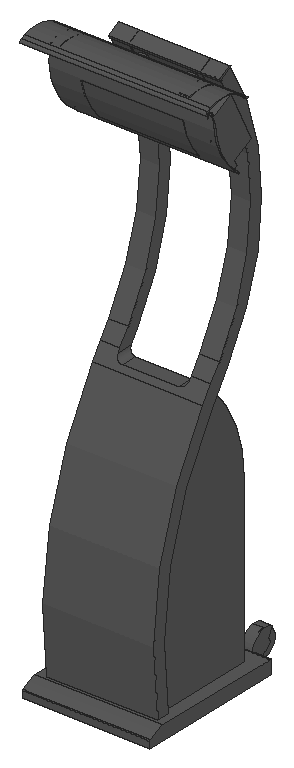
Revit family "Heater-Bromic-Tungsten-Gas-Portable", category Mechanical Equipment, Revit 2020
Family settings
  Round Connector Dimension = Use Diameter
  Classification = None
  Part Type = Normal
  OmniClass Number = 23.75.10.17.14.14
  OmniClass Title = Fuel-Fired Radiant Heaters
  Work Plane-Based = Yes
  Always vertical = No
  Cut with Voids When Loaded = No
  Shared = No
  Room Calculation Point = No
Parameters (values of type "Tungsten Gas - LPG - Portable")
  _Without Heat Deflector [instance] = no
  Width = 19"  # constant formula
  Weight = 123.5 lbm  # constant formula
  URL = "https://www.bromic.com/product/tungsten-smart-heat-portable/"
  Show Clearance [instance] = no
  Screen Material = Metal-Steel-Bromic-Black
  ProductCode = "BH0510001"
  Product data url = "https://www.bimobject.com/bromic-heating/product/tungsten-smart-heat-portable"
  Natural Gas = not(LPG)  # no
  Mount Material = Metal-Steel-Bromic-Black
  Model = "Tungsten Smart-Heat™ Gas Portable"  # constant formula
  Material = Metal-Steel-Bromic-Black
  Manufacturer = "Bromic Heating"  # constant formula
  LPG = yes
  Height = 85"  # constant formula
  Heater Material = Metal-Steel-Bromic-Black-Perforated
  Description = "The award-winning Bromic Tungsten Smart-Heat™ Portable heater offers efficient heating in a stylish, modular, and maneuverable design with a neutral black finish."  # constant formula
  Depth = 27"  # constant formula
  Default Elevation = 0"
  Connector Description = ""
  Approximate Heat Area = 215.00 SF  # constant formula
Types (3): name | ProductCode | Natural Gas | LPG
  (no name) | "BH0510001" | no | yes
  Tungsten Gas - NG - Portable | "BH0510005" | yes | no
  Tungsten Gas - LPG - Portable | "BH0510001" | no | yes
Reference planes (in)
  plane 1 "Center (Front/Back)": y = 0
  plane 2: z = 0
  plane 3 "Center (Left/Right)": x = 0
Forms (in)
  Extrusion 1, solid, material "Clearance Zone", visible <- "Show Clearance"
    sketch origin (0, 0, 0) x (0, 1, 0) y (-1, 0, 0)
      loop
        line (27.86534, 48.35552) -> (-47.26993, 48.35552) -> (-47.26993, -48.35552) -> (27.86534, -48.35552) -> (27.86534, 48.35552)
    from 0 to 121
  Extrusion 2, solid, material "Metal-Steel-Bromic-Black" <- "Material"
    sketch origin (0, 10.5917, 75.73955) x (0, 0.139882, 0.990168) y (0, -0.990168, 0.139882)
      loop
        line (5.40032, 10.00411) -> (3.35521, 12.92484) -> (4.11252, 13.45512)
        arc (4.11252, 13.45512) -> (4.12966, 13.50947) -> (4.11252, 13.56383) r 0.09478
        line (4.11252, 13.56383) -> (3.84608, 13.94442)
        arc (3.84608, 13.94442) -> (3.84171, 13.96925) -> (3.85791, 13.98857) r 0.02983
        line (3.85791, 13.98857) -> (4.55483, 14.08645) -> (4.53856, 14.20227)
        arc (4.53856, 14.20227) -> (-1.1653, 12.106) -> (-5.08598, 7.46308) r 11.8784
        line (-5.08598, 7.46308) -> (-4.98329, 7.40848) -> (-4.65502, 8.02587)
        arc (-4.65502, 8.02587) -> (-4.62962, 8.0366) -> (-4.60551, 8.02321) r 0.0315
        line (-4.60551, 8.02321) -> (-4.2895, 7.57192) -> (-3.52017, 8.11061) -> (-1.47508, 5.18991) -> (5.40032, 10.00411)
    from -11.39 to 11.39
  Extrusion 3, solid, material "Metal-Steel-Bromic-Black" <- "Material"
    sketch origin (0, 10.5917, 75.73955) x (0, 0.139882, 0.990168) y (0, -0.990168, 0.139882)
      loop
        line (6.28344, 10.74444) -> (6.09993, 10.49634)
        arc (6.09993, 10.49634) -> (6.04071, 10.39582) -> (6.00952, 10.2834) r 0.44689
        line (6.00952, 10.2834) -> (5.98418, 10.10322) -> (6.0419, 10.0951) -> (6.06724, 10.27528)
        arc (6.06724, 10.27528) -> (6.09434, 10.37305) -> (6.14586, 10.46044) r 0.38782
        line (6.14586, 10.46044) -> (6.33121, 10.71103)
        arc (6.33121, 10.71103) -> (7.39, 13.86004) -> (6.57547, 17.0809) r 5.88757
        arc (6.57547, 17.0809) -> (6.40415, 17.35352) -> (6.21817, 17.61637) r 5.88784
        arc (6.21817, 17.61637) -> (6.02148, 17.78929) -> (5.77205, 17.86915) r 0.64122
        line (5.77205, 17.86915) -> (5.76378, 17.8114)
        arc (5.76378, 17.8114) -> (5.99224, 17.73886) -> (6.1722, 17.58051) r 0.58293
        arc (6.1722, 17.58051) -> (6.35597, 17.32069) -> (6.52529, 17.05124) r 5.82954
        arc (6.52529, 17.05124) -> (7.33175, 13.86228) -> (6.28344, 10.74444) r 5.82927
    from -13.90694 to 13.91
  Extrusion 4, solid, material "Metal-Steel-Bromic-Black" <- "Screen Material"
    sketch origin (0, 10.5917, 75.73955) x (0, 0.139882, 0.990168) y (0, -0.990168, 0.139882)
      loop
        line (4.53856, 14.20227) -> (4.53034, 14.26082)
        arc (4.53034, 14.26082) -> (-1.19917, 12.15437) -> (-5.13818, 7.49084) r 11.93746
        line (-5.13818, 7.49084) -> (-5.08598, 7.46308)
        arc (-5.08598, 7.46308) -> (-1.1653, 12.106) -> (4.53856, 14.20227) r 11.8784
    from -12.55237 to 12.55237
  Extrusion 5, void
    sketch origin (0, 1.45188, 82.46546) x (0, -0.453353, 0.891331) y (-1, 0, 0)
      loop
        line (-0.52569, 7.62598) -> (-7.78679, 7.62598) -> (-7.78679, -7.62598) -> (-0.52569, -7.62598) -> (-0.52569, 7.62598)
    from 4.31376 to 6.22336
  Extrusion 6, void
    sketch origin (0, 10.5917, 75.73955) x (1, 0, 0) y (0, -0.453353, 0.891331)
      loop
        arc (-12.35552, 1.42812) -> (-11.9404, 0.42592) -> (-10.9382, 0.0108) r 1.41732
        line (-10.9382, 0.0108) -> (10.95033, 0.0108)
        arc (10.95033, 0.0108) -> (11.88482, 0.3625) -> (12.35552, 1.24308) r 1.41732
        line (12.35552, 1.24308) -> (12.35552, 10.6457)
        arc (12.35552, 10.6457) -> (11.88482, 11.52628) -> (10.95033, 11.87799) r 1.41732
        line (10.95033, 11.87799) -> (-10.9382, 11.87799)
        arc (-10.9382, 11.87799) -> (-11.9404, 11.46286) -> (-12.35552, 10.46067) r 1.41732
        line (-12.35552, 10.46067) -> (-12.35552, 1.42812)
      loop
        line (-12.55237, 12.23232) -> (-12.55237, -0.59029) -> (12.55237, -0.59029) -> (12.55237, 12.23232) -> (-12.55237, 12.23232)
    from 8.66294 to 11.05232
  Extrusion 7, solid, material "Metal-Steel-Bromic-Black-Perforated" <- "Heater Material"
    sketch origin (0, 10.5917, 75.73955) x (0, 0.139882, 0.990168) y (0, -0.990168, 0.139882)
      loop
        line (2.12786, 13.72065) -> (2.0923, 13.77143)
        arc (2.0923, 13.77143) -> (-1.20504, 12.15026) -> (-3.85313, 9.60306) r 11.93746
        line (-3.85313, 9.60306) -> (-3.81756, 9.55226)
        arc (-3.81756, 9.55226) -> (-1.17117, 12.10188) -> (2.12786, 13.72065) r 11.8784
    from -7.62598 to 7.62598
  Extrusion 8, solid, material "Metal-Steel-Bromic-Black" <- "Mount Material"
    sketch origin (0, 0, 0) x (0, 1, 0) y (0, 0, 1)
      loop
        arc (0.15944, 40.41785) -> (-7.80863, 22.06249) -> (-8.35332, 2.05968) r 52.65778
        line (-8.35332, 2.05968) -> (-6.38279, 2.05968)
        arc (-6.38279, 2.05968) -> (-5.94628, 21.48447) -> (1.76235, 39.31955) r 50.71469
        line (1.76235, 39.31955) -> (3.29998, 41.56363) -> (4.8376, 43.80771)
        arc (4.8376, 43.80771) -> (11.06203, 63.6657) -> (5.10731, 83.60622) r 35.55858
        line (5.10731, 83.60622) -> (3.39185, 82.67589)
        arc (3.39185, 82.67589) -> (9.11947, 63.76679) -> (3.23469, 44.90601) r 33.61548
        line (3.23469, 44.90601) -> (1.69706, 42.66193) -> (0.15944, 40.41785)
    from -8.25814 to 8.25814
  Extrusion 9, solid, material "Metal-Steel-Bromic-Black" <- "Mount Material"
    sketch origin (0, 0, 0) x (0, 1, 0) y (0, 0, 1)
      loop
        arc (-8.93822, 2.05968) -> (-10.12908, 1.69641) -> (-11.21982, 1.09609) r 6.02358
        arc (-11.21982, 1.09609) -> (-11.25665, 1.05435) -> (-11.26993, 1.00031) r 0.11659
        line (-11.26993, 1.00031) -> (-11.26993, 0) -> (11.26993, 0) -> (11.26993, 1.94309)
        arc (11.26993, 1.94309) -> (11.23578, 2.02553) -> (11.15335, 2.05968) r 0.11659
        line (11.15335, 2.05968) -> (-8.93822, 2.05968)
    from -9.53281 to 9.53281
  Extrusion 10, solid, material "Metal-Steel-Bromic-Black" <- "Material"
    sketch origin (0, 0, 0) x (0, 1, 0) y (0, 0, 1)
      loop
        arc (8.82552, 26.54263) -> (7.28355, 34.28898) -> (2.89271, 40.85436) r 20.22849
        line (2.89271, 40.85436) -> (2.82091, 40.86445) -> (1.76235, 39.31955)
        arc (1.76235, 39.31955) -> (-5.94628, 21.48447) -> (-6.38279, 2.05968) r 50.71469
        line (-6.38279, 2.05968) -> (8.82552, 2.05968) -> (8.82552, 26.54263)
    from -7.5 to 7.5
  Extrusion 11, solid, material "Metal-Steel-Bromic-Black" <- "Mount Material"
    sketch origin (0, 0, 0) x (0, 1, 0) y (0, 0, 1)
      loop
        arc (13.5901, 4.17005) -> (12.03172, 3.38611) -> (11.26993, 1.81679) r 2.72033
        line (11.26993, 1.81679) -> (11.26993, 0.3517) -> (11.56139, 0.3517)
        arc (11.56139, 0.3517) -> (12.67602, 0.54239) -> (13.68552, 1.05196) r 3.80846
        arc (13.68552, 1.05196) -> (13.71778, 1.0775) -> (13.74716, 1.10629) r 0.38862
        arc (13.74716, 1.10629) -> (14.05162, 1.35667) -> (14.32856, 1.63716) r 3.80846
        arc (14.32856, 1.63716) -> (14.46897, 2.11516) -> (14.18877, 2.52709) r 0.58293
        line (14.18877, 2.52709) -> (14.98124, 3.89968)
        arc (14.98124, 3.89968) -> (14.30829, 4.15128) -> (13.5901, 4.17005) r 2.17626
    from 5.03066 to 6.75224
  Extrusion 12, solid, material "Metal-Steel-Bromic-Black" <- "Mount Material"
    sketch origin (0, 0, 0) x (0, 1, 0) y (0, 0, -1)
      loop
        arc (13.5901, -4.17005) -> (14.30829, -4.15128) -> (14.98124, -3.89968) r 2.17626
        line (14.98124, -3.89968) -> (14.22966, -2.59791)
        arc (14.22966, -2.59791) -> (14.08741, -2.45567) -> (13.8931, -2.4036) r 0.38862
        arc (13.8931, -2.4036) -> (13.52126, -2.12793) -> (13.67697, -1.69202) r 0.38862
        arc (13.67697, -1.69202) -> (13.84942, -1.37424) -> (13.68552, -1.05196) r 0.38862
        arc (13.68552, -1.05196) -> (12.67602, -0.54239) -> (11.56139, -0.3517) r 3.80846
        line (11.56139, -0.3517) -> (11.26993, -0.3517) -> (11.26993, -1.81679)
        arc (11.26993, -1.81679) -> (12.03172, -3.38611) -> (13.5901, -4.17005) r 2.72033
    from 5.03066 to 6.75224
  Extrusion 13, solid, material "Metal-Steel-Bromic-Black" <- "Mount Material"
    sketch origin (0, 0, 0) x (0, 1, 0) y (0, 0, 1)
      loop
        circle (13.8931, 2.0247) r 1.97224
    from 5.37653 to 6.40637
  Extrusion 14, solid, material "Metal-Steel-Bromic-Black" <- "Mount Material"
    sketch origin (0, 0, 0) x (0, 1, 0) y (0, 0, -1)
      loop
        circle (13.8931, -2.0247) r 1.97224
    from 5.37653 to 6.40637
  Extrusion 15, void
    sketch origin (0, 0, 0) x (1, 0, 0) y (0, 0, 1)
      loop
        line (-4.17765, 41.23688) -> (4.17765, 41.23688)
        spline (4.17765, 41.23688) -> (4.32982, 41.24511) -> (4.47939, 41.26966) -> (4.6238, 41.31009) -> (4.76057, 41.36573) -> (4.88737, 41.43563) -> (5.00203, 41.51857) -> (5.10258, 41.61316) -> (5.18731, 41.71776) -> (5.25476, 41.83059) -> (5.30378, 41.94971) -> (5.33353, 42.0731) -> (5.3435, 42.19863)
        line (5.3435, 42.19863) -> (5.3435, 87.4252) -> (-5.3435, 87.4252) -> (-5.3435, 42.19863)
        spline (-5.3435, 42.19863) -> (-5.33353, 42.0731) -> (-5.30378, 41.94971) -> (-5.25476, 41.83059) -> (-5.18731, 41.71776) -> (-5.10258, 41.61316) -> (-5.00203, 41.51857) -> (-4.88737, 41.43563) -> (-4.76057, 41.36573) -> (-4.6238, 41.31009) -> (-4.47939, 41.26966) -> (-4.32982, 41.24511) -> (-4.17765, 41.23688)
    from -15 to 5
  Extrusion 16, solid, material "Metal-Steel-Bromic-Black" <- "Material"
    sketch origin (0, 0, 0) x (0, 1, 0) y (0, 0, 1)
      loop
        arc (3.96775, 81.7905) -> (3.60632, 81.37552) -> (3.4755, 80.84098) r 1.16585
        line (3.4755, 80.84098) -> (3.47296, 79.39568)
        arc (3.47296, 79.39568) -> (3.50861, 79.10754) -> (3.61434, 78.83715) r 1.16585
        line (3.61434, 78.83715) -> (3.88702, 78.33515)
        arc (3.88702, 78.33515) -> (4.05628, 78.09927) -> (4.27858, 77.91252) r 1.16585
        line (4.27858, 77.91252) -> (5.49237, 77.1279)
        arc (5.49237, 77.1279) -> (5.96524, 76.95218) -> (6.46808, 76.99268) r 1.16585
        arc (6.46808, 76.99268) -> (5.31459, 79.44197) -> (3.96775, 81.7905) r 33.61548
    from 3.08952 to 4.27622
  Extrusion 17, solid, material "Metal-Steel-Bromic-Black" <- "Material"
    sketch origin (0, 0, 0) x (0, 1, 0) y (0, 0, 1)
      loop
        line (5.22368, 75.27269) -> (5.98254, 78.24619)
        arc (5.98254, 78.24619) -> (5.91554, 78.85098) -> (5.46621, 79.26131) r 0.86321
        line (5.46621, 79.26131) -> (2.61618, 80.39922) -> (2.52612, 80.35341) -> (5.13362, 75.22688) -> (5.22368, 75.27269)
    from 2.31228 to 3.08952
  Extrusion 18, solid, material "Metal-Steel-Bromic-Black" <- "Material"
    sketch origin (0, 0, 0) x (0, 1, 0) y (0, 0, 1)
      loop
        line (5.24737, 83.28865) -> (9.24562, 75.92781) -> (11.4159, 77.10666) -> (5.24737, 83.28865)
    from -4.27622 to 4.27622
  Extrusion 19, solid, material "Metal-Steel-Bromic-Black" <- "Material"
    sketch origin (0, 0, 0) x (0, 1, 0) y (0, 0, 1)
      loop
        line (3.25414, 82.69189) -> (3.45447, 82.32308) -> (3.52491, 82.36134) -> (3.36285, 82.65971) -> (5.17278, 83.64282) -> (5.13451, 83.71327) -> (3.25414, 82.69189)
    from -8.33586 to 8.34223
  Extrusion 20, solid, material "Metal-Steel-Bromic-Black" <- "Material"
    sketch origin (0, 0, 0) x (0, 1, 0) y (0, 0, 1)
      loop
        arc (3.39185, 82.67589) -> (5.5316, 79.01827) -> (7.19419, 75.1205) r 33.61548
        line (7.19419, 75.1205) -> (9.02597, 75.7687) -> (9.26232, 75.89708) -> (5.08225, 83.59263) -> (3.39185, 82.67589)
    from -5.3435 to 5.3435
  Extrusion 21, solid, material "Metal-Steel-Bromic-Black" <- "Material"
    sketch origin (0, 0, 0) x (0, 1, 0) y (0, 0, -1)
      loop
        arc (3.96775, -81.7905) -> (5.31459, -79.44197) -> (6.46808, -76.99268) r 33.61548
        arc (6.46808, -76.99268) -> (5.96524, -76.95218) -> (5.49237, -77.1279) r 1.16585
        line (5.49237, -77.1279) -> (4.27858, -77.91252)
        arc (4.27858, -77.91252) -> (4.05628, -78.09927) -> (3.88702, -78.33515) r 1.16585
        line (3.88702, -78.33515) -> (3.61434, -78.83715)
        arc (3.61434, -78.83715) -> (3.50861, -79.10754) -> (3.47296, -79.39568) r 1.16585
        line (3.47296, -79.39568) -> (3.4755, -80.84098)
        arc (3.4755, -80.84098) -> (3.60632, -81.37552) -> (3.96775, -81.7905) r 1.16585
    from 3.08952 to 4.27622
  Extrusion 22, solid, material "Metal-Steel-Bromic-Black" <- "Material"
    sketch origin (0, 0, 0) x (0, 1, 0) y (0, 0, -1)
      loop
        line (5.22368, -75.27269) -> (5.13362, -75.22688) -> (2.52612, -80.35341) -> (2.61618, -80.39922) -> (5.46621, -79.26131)
        arc (5.46621, -79.26131) -> (5.91554, -78.85098) -> (5.98254, -78.24619) r 0.86321
        line (5.98254, -78.24619) -> (5.22368, -75.27269)
    from 2.31228 to 3.08952
  Extrusion 23, solid, material "Metal-Steel-Bromic-Black" <- "Material"
    sketch origin (3, 10.5917, 75.73955) x (0, 0.139882, 0.990168) y (0, 0.990168, -0.139882)
      loop
        line (5.90813, -10.26356) -> (3.53015, -8.59848) -> (3.48499, -8.66298) -> (5.85841, -10.32487)
        arc (5.85841, -10.32487) -> (7.21641, -13.39269) -> (6.63168, -16.69629) r 5.75155
        line (6.63168, -16.69629) -> (6.70093, -16.73157)
        arc (6.70093, -16.73157) -> (7.29272, -13.37644) -> (5.90813, -10.26356) r 5.82927
    from -7.46854 to -5.90551
  Extrusion 24, solid, material "Metal-Steel-Bromic-Black" <- "Material"
    sketch origin (-3, 10.5917, 75.73955) x (0, 0.139882, 0.990168) y (0, -0.990168, 0.139882)
      loop
        arc (5.90813, 10.26356) -> (7.29272, 13.37644) -> (6.70093, 16.73157) r 5.82927
        line (6.70093, 16.73157) -> (6.63168, 16.69629)
        arc (6.63168, 16.69629) -> (7.21641, 13.39269) -> (5.85841, 10.32487) r 5.75155
        line (5.85841, 10.32487) -> (3.48499, 8.66298) -> (3.53015, 8.59848) -> (5.90813, 10.26356)
    from -7.46854 to -5.90551
Cuts and joins
  Extrusion 5 cuts Extrusion 2
  Extrusion 5, Extrusion 6 cuts Extrusion 4
  Extrusion 15 cuts Extrusion 8
Lines and regions (in)
  Masking region 1, visible <- "_Without Heat Deflector"
    outline origin (0, 0, 83.09055) x (0, 1, 0) y (-1, 0, 0)
      loop
        spline (2.49055, 11.47027) -> (2.43045, 11.60343) -> (2.36072, 11.72693) -> (2.28104, 11.84104) -> (2.19227, 11.94536) -> (2.09617, 12.03898) -> (1.99432, 12.12116) -> (1.88783, 12.19153) -> (1.77776, 12.24977) -> (1.66517, 12.29558) -> (1.5511, 12.32861) -> (1.43643, 12.34857) -> (1.3211, 12.35552)
        line (1.3211, 12.35552) -> (-2.86343, 12.35552)
        spline (-2.86343, 12.35552) -> (-2.87874, 12.34388) -> (-2.89066, 12.30991) -> (-2.8993, 12.25391) -> (-2.90484, 12.17662) -> (-2.90763, 12.07885) -> (-2.90807, 11.96146) -> (-2.90671, 11.82559) -> (-2.9042, 11.67259) -> (-2.90123, 11.504) -> (-2.89848, 11.32297) -> (-2.89659, 11.13416) -> (-2.89587, 10.9382)
        line (-2.89587, 10.9382) -> (-2.89587, 9.53281) -> (-11.26993, 9.53281) -> (-11.26993, -9.53281) -> (-2.89587, -9.53281) -> (-2.89587, -10.9382)
        spline (-2.89587, -10.9382) -> (-2.89659, -11.13416) -> (-2.89848, -11.32297) -> (-2.90123, -11.504) -> (-2.9042, -11.67259) -> (-2.90671, -11.82559) -> (-2.90807, -11.96146) -> (-2.90763, -12.07885) -> (-2.90484, -12.17662) -> (-2.8993, -12.25391) -> (-2.89066, -12.30991) -> (-2.87874, -12.34388) -> (-2.86343, -12.35552)
        line (-2.86343, -12.35552) -> (1.3211, -12.35552)
        spline (1.3211, -12.35552) -> (1.43643, -12.34857) -> (1.5511, -12.32861) -> (1.66517, -12.29558) -> (1.77776, -12.24977) -> (1.88783, -12.19153) -> (1.99432, -12.12116) -> (2.09617, -12.03898) -> (2.19227, -11.94536) -> (2.28104, -11.84104) -> (2.36072, -11.72693) -> (2.43045, -11.60343) -> (2.49055, -11.47027)
        line (2.49055, -11.47027) -> (2.49055, -11.39) -> (5.24648, -11.39) -> (5.24648, -9.53281) -> (11.26993, -9.53281) -> (11.26993, -6.75224) -> (14.98124, -6.75224) -> (14.98124, -6.40637) -> (15.86534, -6.40637) -> (15.86534, -5.37653) -> (14.98124, -5.37653) -> (14.98124, -5.03066) -> (11.26993, -5.03066) -> (11.26993, -4.27622) -> (11.4159, -4.27622) -> (11.4159, 4.27622) -> (11.26993, 4.27622) -> (11.26993, 5.03066) -> (14.98124, 5.03066) -> (14.98124, 5.37653) -> (15.86534, 5.37653) -> (15.86534, 6.40637) -> (14.98124, 6.40637) -> (14.98124, 6.75224) -> (11.26993, 6.75224) -> (11.26993, 9.53281) -> (5.24648, 9.53281) -> (5.24648, 11.39) -> (2.49055, 11.39) -> (2.49055, 11.47027)
  Masking region 2
    outline origin (0, 0, 83.09055) x (0, 1, 0) y (-1, 0, 0)
      loop
        spline (2.49055, 11.47027) -> (2.44072, 11.59731) -> (2.38145, 11.7158) -> (2.31246, 11.82599) -> (2.23453, 11.92748) -> (2.14927, 12.01932) -> (2.05809, 12.10076) -> (1.96204, 12.1714) -> (1.86208, 12.23089) -> (1.75919, 12.2789) -> (1.65432, 12.31506) -> (1.54827, 12.33906) -> (1.441, 12.35094)
        line (1.441, 12.35094) -> (1.441, 13.90694) -> (-6.29437, 13.90694) -> (-6.29437, 9.53281) -> (-11.26993, 9.53281) -> (-11.26993, -9.53281) -> (-6.29437, -9.53281) -> (-6.29437, -13.91) -> (1.441, -13.91) -> (1.441, -12.35094)
        spline (1.441, -12.35094) -> (1.54827, -12.33906) -> (1.65432, -12.31506) -> (1.75919, -12.2789) -> (1.86208, -12.23089) -> (1.96204, -12.1714) -> (2.05809, -12.10076) -> (2.14927, -12.01932) -> (2.23453, -11.92748) -> (2.31246, -11.82599) -> (2.38145, -11.7158) -> (2.44072, -11.59731) -> (2.49055, -11.47027)
        line (2.49055, -11.47027) -> (2.49055, -11.39) -> (5.24648, -11.39) -> (5.24648, -9.53281) -> (11.26993, -9.53281) -> (11.26993, -6.75224) -> (14.98124, -6.75224) -> (14.98124, -6.40637) -> (15.86534, -6.40637) -> (15.86534, -5.37653) -> (14.98124, -5.37653) -> (14.98124, -5.03066) -> (11.26993, -5.03066) -> (11.26993, -4.27622) -> (11.4159, -4.27622) -> (11.4159, 4.27622) -> (11.26993, 4.27622) -> (11.26993, 5.03066) -> (14.98124, 5.03066) -> (14.98124, 5.37653) -> (15.86534, 5.37653) -> (15.86534, 6.40637) -> (14.98124, 6.40637) -> (14.98124, 6.75224) -> (11.26993, 6.75224) -> (11.26993, 9.53281) -> (5.24648, 9.53281) -> (5.24648, 11.39) -> (2.49055, 11.39) -> (2.49055, 11.47027)
  symbolic lines
    curve 1: line (-6.40637, 14.98124, 83.09055) -> (-5.37653, 14.98124, 83.09055)
    curve 2: line (-6.75224, 11.26993, 83.09055) -> (-5.03066, 11.26993, 83.09055)
    curve 3: line (6.40637, 14.98124, 83.09055) -> (5.37653, 14.98124, 83.09055)
    curve 4: line (6.75224, 11.26993, 83.09055) -> (5.03066, 11.26993, 83.09055)
    curve 5: line (-8.33586, 3.25414, 83.09055) -> (8.34223, 3.25414, 83.09055)
    curve 6: line (-8.33586, 5.17278, 83.09055) -> (-8.33586, 3.25414, 83.09055)
    curve 7: line (8.34223, 5.17278, 83.09055) -> (-8.33586, 5.17278, 83.09055)
    curve 8: line (8.34223, 3.25414, 83.09055) -> (8.34223, 5.17278, 83.09055)
    curve 9: line (5.3435, 5.17278, 83.09055) -> (5.3435, 11.06285, 83.09055)
    curve 10: line (5.3435, 11.06285, 83.09055) -> (8.25814, 11.06285, 83.09055)
    curve 11: line (8.25814, 11.06285, 83.09055) -> (8.25814, 5.17278, 83.09055)
    curve 12: line (9.53281, 5.24648, 83.09055) -> (8.25814, 5.24648, 83.09055)
    curve 13: line (-9.53281, 5.24648, 83.09055) -> (-8.25814, 5.24648, 83.09055)
    curve 14: line (-8.25814, 5.17278, 83.09055) -> (-8.25814, 11.06285, 83.09055)
    curve 15: line (-8.25814, 11.06285, 83.09055) -> (-5.3435, 11.06285, 83.09055)
    curve 16: line (-5.3435, 11.06285, 83.09055) -> (-5.3435, 5.17278, 83.09055)
    curve 17: line (-4.27622, 11.26993, 83.09055) -> (-4.27622, 5.17278, 83.09055)
    curve 18: line (4.27622, 5.17278, 83.09055) -> (4.27622, 11.26993, 83.09055)
    curve 19: line (-5.3435, 9.26232, 83.09055) -> (-4.27622, 9.26232, 83.09055)
    curve 20: line (4.27622, 9.26232, 83.09055) -> (5.3435, 9.26232, 83.09055)
    curve 21: line (-11.39, 2.49055, 83.09055) -> (-11.39, 1.44135, 83.09055)
    curve 22: line (11.39, 2.49055, 83.09055) -> (11.39, 1.44135, 83.09055)
    curve 23: line (-12.34585, 1.44135, 83.09055) -> (-11.39, 1.44135, 83.09055)
    curve 24: line (-8.25814, -6.29437, 83.09055) -> (-8.25814, -9.05937, 83.09055)
    curve 25: line (-8.25814, -9.05937, 83.09055) -> (8.25814, -9.05937, 83.09055)
    curve 26: line (8.25814, -9.05937, 83.09055) -> (8.25814, -6.29437, 83.09055)
    curve 27: line (2.31228, 3.25414, 83.09055) -> (2.31228, 2.52612, 83.09055)
    curve 28: line (2.31228, 2.52612, 83.09055) -> (3.08952, 2.52612, 83.09055)
    curve 29: line (3.08952, 2.52612, 83.09055) -> (3.08952, 3.25414, 83.09055)
    curve 30: line (-2.31228, 3.25414, 83.09055) -> (-2.31228, 2.52612, 83.09055)
    curve 31: line (-2.31228, 2.52612, 83.09055) -> (-3.08952, 2.52612, 83.09055)
    curve 32: line (-3.08952, 2.52612, 83.09055) -> (-3.08952, 3.25414, 83.09055)
    curve 42: line (-11.39, 1.44135, 83.09055) -> (11.39, 1.44135, 83.09055)
    curve 43: line (11.39, 1.44135, 83.09055) -> (12.35552, 1.44135, 83.09055)
    curve 44: line (-9.53281, -6.29437, 83.09055) -> (9.53281, -6.29437, 83.09055)
    curve 45: line (-13.90694, 1.09379, 83.09055) -> (13.91, 1.09379, 83.09055)
    curve 46: line (13.91, 0.8716, 83.09055) -> (-13.90694, 0.8716, 83.09055)
    curve 47: line (-10.46854, 1.44135, 83.09055) -> (-10.46854, 2.57155, 83.09055)
    curve 48: line (-10.46854, 2.57155, 83.09055) -> (-8.90551, 2.57155, 83.09055)
    curve 49: line (-8.90551, 2.57155, 83.09055) -> (-8.90551, 1.44135, 83.09055)
    curve 50: line (10.46854, 1.44135, 83.09055) -> (10.46854, 2.57155, 83.09055)
    curve 51: line (10.46854, 2.57155, 83.09055) -> (8.90551, 2.57155, 83.09055)
    curve 52: line (8.90551, 2.57155, 83.09055) -> (8.90551, 1.44135, 83.09055)
  symbolic lines, visible <- "_Without Heat Deflector"
    curve 33: line (-9.53281, -2.89587, 83.09055) -> (9.53281, -2.89587, 83.09055)
    curve 34: line (8.25814, -6.29437, 83.09055) -> (8.25814, -2.89587, 83.09055)
    curve 35: line (-8.25814, -6.29437, 83.09055) -> (-8.25814, -2.89587, 83.09055)
    curve 36: line (-11.39, 1.44135, 83.09055) -> (-11.39, -2.83608, 83.09055)
    curve 37: line (-11.39, -2.83608, 83.09055) -> (11.39, -2.83608, 83.09055)
    curve 38: line (11.39, -2.83608, 83.09055) -> (11.39, 1.44135, 83.09055)
    curve 39: line (11.39, -1.73674, 83.09055) -> (-11.39, -1.73674, 83.09055)
    curve 40: line (-11.39, -2.15587, 83.09055) -> (11.39, -2.15587, 83.09055)
    curve 41: line (11.39, -2.71841, 83.09055) -> (-11.39, -2.71841, 83.09055)
  symbolic lines, style "Clearance", visible <- "Show Clearance"
    curve 53: line (-48.35552, 27.86534, 83.09055) -> (48.35552, 27.86534, 83.09055)
    curve 54: line (-48.35552, -47.26993, 83.09055) -> (-48.35552, 27.86534, 83.09055)
    curve 55: line (48.35552, -47.26993, 83.09055) -> (-48.35552, -47.26993, 83.09055)
    curve 56: line (48.35552, 27.86534, 83.09055) -> (48.35552, -47.26993, 83.09055)
    curve 57: line (-48.35552, 0, 121) -> (48.35552, 0, 121)
    curve 58: line (-48.35552, 0, 0) -> (-48.35552, 0, 121)
    curve 59: line (48.35552, 0, 0) -> (-48.35552, 0, 0)
    curve 60: line (48.35552, 0, 121) -> (48.35552, 0, 0)
    curve 61: line (0, 27.86534, 121) -> (0, -47.26993, 121)
    curve 62: line (0, 27.86534, 0) -> (0, 27.86534, 121)
    curve 63: line (0, -47.26993, 0) -> (0, 27.86534, 0)
    curve 64: line (0, -47.26993, 121) -> (0, -47.26993, 0)
Dimensions and locks (in)
  radius of Extrusion 6 sketch curve = 1.41732"  (x4)
  aligned and locked: level to plane 2
